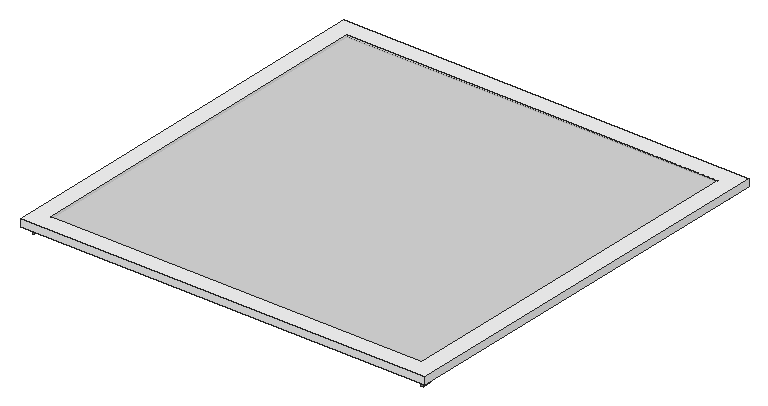
Revit family "0047635 Feilo Sylvania Lighting Fixtures START FLAT UGR19 1200 4000K G2", category Lighting Fixtures, host Face, Revit 2017
Family settings
  Host = Face
  Round Connector Dimension = Use Diameter
  Part Type = Normal
  OmniClass Number = 23.80.70.11.17
  OmniClass Title = Specialized Lighting by Location or Use
  Cut with Voids When Loaded = No
  Light Source = Yes
  Shared = No
  Room Calculation Point = No
Parameters (values of type "0047635 START FLAT UGR19 1200 4000K G2")
  Weight = "6.38 kg"
  Wattage = 33 W
  WarrantyStartDate [instance] = "n/a"
  WarrantyGuarantorParts = "n/a"
  WarrantyDurationUnit = "n/a"
  WarrantyDurationParts = "n/a"
  WarrantyDescription = "n/a"
  built-in parameter 1150110 = 1 (stored number, unit not read)
  Voltage = 230 V
  URL = "http://www.sylvania-lighting.com"
  TypeName = "START FLAT UGR19 1200 4000K G2"
  built-in parameter 1114217 = 1 (stored number, unit not read)
  Tilt Angle = -90.00°
  built-in parameter 1150109 = 1 (stored number, unit not read)
  built-in parameter 1150134 = 12
  built-in parameter 1150113 = 1 (stored number, unit not read)
  SerialNumber [instance] = "n/a"
  PowerFactor = 0.9
  PowerConsumption = "33 W"
  Photometric Web File = "0047635.ies"
  NominalLength = 1195.0 mm
  NominalHeight = 10.5 mm
  NominalDepth = 295.0 mm
  Name = "START FLAT UGR19 1200 4000K G2"
  ModelReference = "START FLAT UGR19 1200 4000K G2"
  ModelNumber = "0047635"
  Material = "aluminium housing, pmma diffuser"
  ManufacturerName = "Feilo Sylvania"
  LuminousEfficacy = "97 lm/W"
  LuminaireType = ""
  LightOutputRatio = "n/a"
  LampsType = Lamp  # "Integrated LED"
  LampNominalLuminous = "3300 lm"
  LampMacAdamStep = "3"
  LampColourTemperature = "4000 K"
  LampColourRenderingIndex = "80"
  Keynote = "16500"
  InstallationDate [instance] = "n/a"
  InputVoltage = "220-240V~"
  InputNominalFrequency = "50/60 Hz"
  IngressProtection = "IP20"
  ImpactProtectionIndex = "IK03"
  IfcExportType = "IfcLightFixtureType"
  IfcExportAs = "IfcLightFixtureType"
  ExpectedLife = 50000
  ElectricShockClassification = "Class II"
  DurationUnit = "hours"
  DocumentationLiterature = "http://www.sylvania-lighting.com/product/en-int/products/0047635"
  DimmingControlOptions = "Non dimmable"
  Diffuser Material = Polycarbonate_Sylvania_Startflat Panel LED_Opal
  Cutout Width = 574.0 mm
  Cutout Length = 574.0 mm
  CreatedOn = "11/30/2017"
  CreatedBy = ""
  built-in parameter 1114216 [instance] = 1 (stored number, unit not read)
  Model = "START FLAT UGR19 1200 4000K G2"
  Manufacturer = "Feilo-Sylvania Group"
  built-in parameter 1150105 = 1962 (stored number, unit not read)
  Lumens = 3201 lm
  built-in parameter 1150115 = 1 (stored number, unit not read)
  built-in parameter 1150137 = (empty or 0)
  built-in parameter 1150139 = (empty or 0)
  built-in parameter 1150112 = 1 (stored number, unit not read)
  built-in parameter 1150114 = 1 (stored number, unit not read)
  Lamp = "Integrated LED"  # constant formula
  built-in parameter 1150132 = 2
  built-in parameter 1150102 = (empty or 0)
  built-in parameter 1150107 = 4000 (stored number, unit not read)
  built-in parameter 1150138 = (empty or 0)
  built-in parameter 1150106 = 19.62 (stored number, unit not read)
  Body Material = Metal_Sylvania_Startflat Panel LED_White
  Emit from Rectangle Width = 545.0 mm
  Emit from Rectangle Length = 545.0 mm
  Emit Shape Visible in Rendering = no
  built-in parameter 1150104 = 9.0116 (stored number, unit not read)
  Dimming Lamp Color Temperature Shift = <None>
  Description = "Ultra thin LED Panel, excellent uniformity of light, perfect for ceilings with low voids, high efficacy.Ulta thin edgelit LED 600x600mm Panel with, excellent uniform light distribution. Acrylic PMMA diffuser optimising light output whilst reducing glare. 4239lm 93lm/W."  # constant formula
  Default Elevation = 0.0 mm
  Color Filter = 16777215
  built-in parameter 1140040 [instance] = 1
  BarCode [instance] = "n/a"
  built-in parameter 1114218 = 1 (stored number, unit not read)
  built-in parameter 1150133 = 10 (stored number, unit not read)
  AssetType = "Fixed"
  AssetIdentifier [instance] = "n/a"
  Assembly Code = "D5020200"
  Apparent Load = 33 VA
  Mounting Material = Metal_Sylvania_Startflat Panel LED_Silver
Reference planes
  plane 1 "Center (Front/Back)": y = 0
  plane 2 "Fixture Top": z = 0
  plane 3 "Center (Left/Right)": x = 0
  plane 4: x = 295.5
  plane 5: x = -295.5
  plane 6 "Fixture Back": y = 297.5
  plane 7 "Fixture Front": y = -297.5
  plane 8 "Fixture Left": x = -297.5
  plane 9 "Fixture Right": x = 297.5
  plane 10: y = 295.5
  plane 11: y = -295.5
  plane 12: x = 272.5
  plane 13: x = -272.5
  plane 14: y = 272.5
  plane 15: y = -272.5
  plane 16: x = -287
  plane 17: x = 287
  plane 18: y = 287
  plane 19: y = -287
  plane 20 "Fixture Bottom": z = 10.5
  plane 21: z = 8.5
  plane 22: z = 6.5
  plane 23: z = -10
  plane 24: z = 2
Forms (mm)
  Extrusion 1, void
    sketch origin (0, 0, 60) x (-1, 0, 0) y (0, -1, 0)
      loop
        line (287, -287) -> (287, 287) -> (-287, 287) -> (-287, -287) -> (287, -287)
    from -70 to -60
  Extrusion 2, solid, material "Metal_Sylvania_Startflat Panel LED_White" <- "Body Material", detail levels fine
    sketch origin (0, 0, 60) x (-1, 0, 0) y (0, -1, 0)
      loop
        line (297.5, -297.5) -> (297.5, 297.5) -> (-297.5, 297.5) -> (-297.5, -297.5) -> (297.5, -297.5)
      loop
        line (272.5, -272.5) -> (272.5, 272.5) -> (-272.5, 272.5) -> (-272.5, -272.5) -> (272.5, -272.5)
    from -51.5 to -49.5
  Extrusion 3, solid, material "Metal_Sylvania_Startflat Panel LED_White" <- "Body Material", detail levels fine
    sketch origin (0, 0, 60) x (-1, 0, 0) y (0, -1, 0)
      loop
        line (297.5, -297.5) -> (297.5, 297.5) -> (-297.5, 297.5) -> (-297.5, -297.5) -> (297.5, -297.5)
      loop
        line (295.5, -295.5) -> (295.5, 295.5) -> (-295.5, 295.5) -> (-295.5, -295.5) -> (295.5, -295.5)
    from -60 to -51.5
  Extrusion 4, solid, material "Polycarbonate_Sylvania_Startflat Panel LED_Opal" <- "Diffuser Material", detail levels fine
    sketch origin (0, 0, 60) x (-1, 0, 0) y (0, -1, 0)
      loop
        line (295.5, -295.5) -> (295.5, 295.5) -> (-295.5, 295.5) -> (-295.5, -295.5) -> (295.5, -295.5)
    from -53.5 to -51.5
  Extrusion 5, solid, material "Metal_Sylvania_Startflat Panel LED_Silver" <- "Mounting Material", detail levels fine
    sketch origin (0, 0, 60) x (-1, 0, 0) y (0, -1, 0)
      loop
        line (287, -287) -> (287, -272.5) -> (284, -272.5) -> (284, -287) -> (287, -287)
      loop
        line (-284, -287) -> (-284, -272.5) -> (-287, -272.5) -> (-287, -287) -> (-284, -287)
      loop
        line (-284, 272.5) -> (-284, 287) -> (-287, 287) -> (-287, 272.5) -> (-284, 272.5)
      loop
        line (284, 272.5) -> (287, 272.5) -> (287, 287) -> (284, 287) -> (284, 272.5)
    from -70 to -60
  Extrusion 6, solid, material "Metal_Sylvania_Startflat Panel LED_White" <- "Body Material", detail levels fine
    sketch origin (0, 0, 60) x (-1, 0, 0) y (0, -1, 0)
      loop
        line (297.5, -297.5) -> (297.5, 297.5) -> (-297.5, 297.5) -> (-297.5, -297.5) -> (297.5, -297.5)
    from -60 to -58
  Extrusion 7, solid, material "Metal_Sylvania_Startflat Panel LED_White" <- "Body Material", detail levels coarse+medium
    sketch origin (0, 0, 60) x (-1, 0, 0) y (0, -1, 0)
      loop
        line (297.5, -297.5) -> (297.5, 297.5) -> (-297.5, 297.5) -> (-297.5, -297.5) -> (297.5, -297.5)
    from -60 to -49.5
Cuts and joins
  joined: Extrusion 2, Extrusion 3, Extrusion 6
Dimensions and locks
  equal spacing: plane 6 "Fixture Back", plane 1 "Center (Front/Back)", plane 7 "Fixture Front"
  locked: plane 6 "Fixture Back" to plane 7 "Fixture Front" at 595
  equal spacing: plane 8 "Fixture Left", plane 3 "Center (Left/Right)", plane 9 "Fixture Right"
  locked: plane 8 "Fixture Left" to plane 9 "Fixture Right" at 595
  locked: plane 8 "Fixture Left" to plane 5 at 2
  locked: plane 4 to plane 9 "Fixture Right" at 2
  locked: plane 6 "Fixture Back" to plane 10 at 2
  locked: plane 11 to plane 7 "Fixture Front" at 2
  locked: plane 12 to plane 9 "Fixture Right" at 25
  locked: plane 8 "Fixture Left" to plane 13 at 25
  locked: plane 6 "Fixture Back" to plane 14 at 25
  locked: plane 15 to plane 7 "Fixture Front" at 25
  equal spacing: plane 16, plane 3 "Center (Left/Right)", plane 17
  "Cutout Length": plane 16 to plane 17
  equal spacing: plane 18, plane 1 "Center (Front/Back)", plane 19
  "Cutout Width": plane 18 to plane 19
  locked: plane 20 "Fixture Bottom" to plane 2 "Fixture Top" at 10.5
  plane 20 "Fixture Bottom" to plane 21 to plane 22 = 2.0 mm locked, 2.0 mm locked
  locked: plane 2 "Fixture Top" to plane 23 at 10
  locked: plane 16 to Extrusion 5 sketch curve at 3
  locked: Extrusion 5 sketch curve to plane 17 at 3
  locked: plane 24 to plane 2 "Fixture Top" at 2
  aligned and locked: level to host face
  aligned and locked: imposter light to plane 1 "Center (Front/Back)"
  aligned and locked: plane 2 "Fixture Top" to Extrusion 1
  aligned and locked: Extrusion 2 sketch curve to plane 6 "Fixture Back"
  aligned and locked: plane 8 "Fixture Left" to Extrusion 2 sketch curve
  aligned and locked: plane 7 "Fixture Front" to Extrusion 2 sketch curve
  aligned and locked: Extrusion 2 sketch curve to plane 9 "Fixture Right"
  aligned and locked: Extrusion 2 sketch curve to plane 14
  aligned and locked: plane 13 to Extrusion 2 sketch curve
  aligned and locked: plane 15 to Extrusion 2 sketch curve
  aligned and locked: Extrusion 2 sketch curve to plane 12
  aligned and locked: Extrusion 3 sketch curve to Extrusion 2  (x4)
  aligned and locked: Extrusion 3 sketch curve to plane 10
  aligned and locked: plane 5 to Extrusion 3 sketch curve
  aligned and locked: plane 11 to Extrusion 3 sketch curve
  aligned and locked: Extrusion 3 sketch curve to plane 4
  aligned and locked: Extrusion 4 sketch curve to cut or joined group of Extrusion 2, Extrusion 3, Extrusion 6  (x4)
  aligned and locked: plane 16 to Extrusion 1 sketch curve
  aligned and locked: Extrusion 1 sketch curve to plane 17
  aligned and locked: Extrusion 1 sketch curve to plane 18
  aligned and locked: plane 19 to Extrusion 1 sketch curve
  aligned and locked: plane 20 "Fixture Bottom" to cut or joined group of Extrusion 2, Extrusion 3, Extrusion 6
  aligned and locked: cut or joined group of Extrusion 2, Extrusion 3, Extrusion 6 to plane 21
  aligned and locked: plane 21 to cut or joined group of Extrusion 2, Extrusion 3, Extrusion 6
  aligned and locked: cut or joined group of Extrusion 2, Extrusion 3, Extrusion 6 to plane 2 "Fixture Top"
  aligned and locked: plane 21 to Extrusion 4
  aligned and locked: Extrusion 4 to plane 22
  aligned and locked: level to plane 2 "Fixture Top"
  aligned and locked: plane 3 "Center (Left/Right)" to imposter light
  aligned and locked: plane 20 "Fixture Bottom" to imposter light
  aligned and locked: Extrusion 5 sketch curve to plane 18  (x2)
  aligned and locked: plane 16 to Extrusion 5 sketch curve
  aligned and locked: cut or joined group of Extrusion 2, Extrusion 3, Extrusion 6 to Extrusion 5 sketch curve  (x3)
  aligned and locked: plane 14 to Extrusion 5 sketch curve
  aligned and locked: Extrusion 5 sketch curve to plane 17  (x2)
  aligned and locked: plane 19 to Extrusion 5 sketch curve
  aligned and locked: Extrusion 5 sketch curve to plane 19
  aligned and locked: Extrusion 5 sketch curve to plane 16
  aligned and locked: Extrusion 5 to plane 23
  aligned and locked: Extrusion 5 sketch curve to Extrusion 5 sketch curve  (x2)
  aligned and locked: Extrusion 6 sketch curve to cut or joined group of Extrusion 2, Extrusion 3, Extrusion 6  (x4)
  aligned and locked: Extrusion 6 to plane 2 "Fixture Top"
  aligned and locked: plane 24 to Extrusion 6
  aligned and locked: plane 2 "Fixture Top" to Extrusion 5
  aligned and locked: Extrusion 7 sketch curve to cut or joined group of Extrusion 2, Extrusion 3, Extrusion 6  (x4)
  aligned and locked: Extrusion 7 to plane 2 "Fixture Top"
  aligned and locked: plane 20 "Fixture Bottom" to Extrusion 7
  aligned and locked: Extrusion 1 to Extrusion 5
Automatic sketch dimensions
  host sketch curve to host sketch curve = 1461.012 mm
  host sketch curve to host sketch curve = 1283.632 mm
Connectors
  electrical at (0, 0, 0), driven by "Apparent Load"
    settings: on cut or joined group of Extrusion 2, Extrusion 3, Extrusion 6, index 1, voltage 230 V, apparent load 0 VA, apparent load phase1 33 VA, apparent load phase2 0 VA, apparent load phase3 0 VA, power factor 1, load classification "Lighting", number of poles 1, system type 31, power factor state 1, is connector primary yes, connector utility no, sub classification motor no, connector description ""
